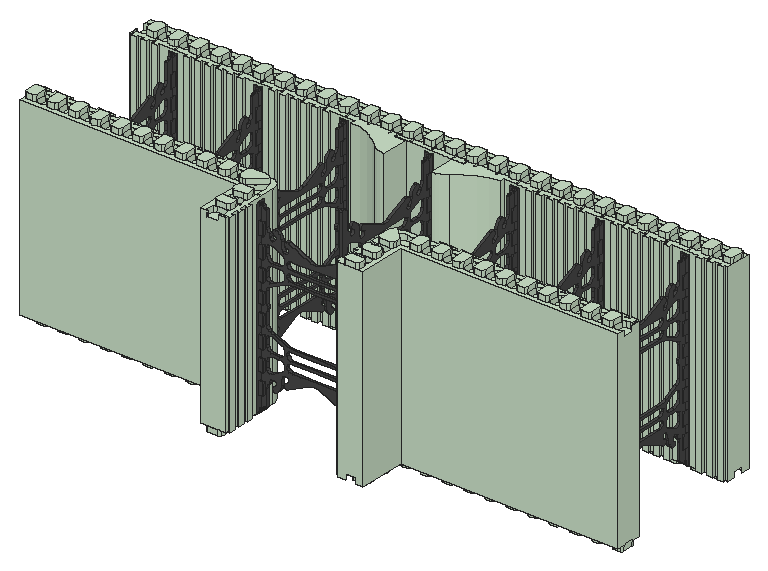
Revit family (continued)
Definition of nested family "NUDURA Diamond Pattern"
  Lines and regions (mm)
    model lines
      curve 178: arc (105.934, -142.875, 33.065) -> (101.444, -142.875, 34.925) -> (96.953, -142.875, 33.065) r 6.35
      curve 179: line (115.459, -142.875, 23.54) -> (105.934, -142.875, 33.065)
      curve 180: arc (115.459, -142.875, 14.56) -> (117.319, -142.875, 19.05) -> (115.459, -142.875, 23.54) r 6.35
      curve 181: line (105.934, -142.875, 5.035) -> (115.459, -142.875, 14.56)
      curve 182: arc (96.953, -142.875, 5.035) -> (101.444, -142.875, 3.175) -> (105.934, -142.875, 5.035) r 6.35
      curve 183: line (87.428, -142.875, 14.56) -> (96.953, -142.875, 5.035)
      curve 184: arc (87.428, -142.875, 23.54) -> (85.569, -142.875, 19.05) -> (87.428, -142.875, 14.56) r 6.35
      curve 185: line (96.953, -142.875, 33.065) -> (87.428, -142.875, 23.54)
      curve 186: arc (108.981, -142.875, 79.792) -> (107.493, -142.875, 76.2) -> (108.981, -142.875, 72.608) r 5.08
      curve 187: arc (108.981, -142.875, 117.892) -> (107.493, -142.875, 114.3) -> (108.981, -142.875, 110.708) r 5.08
      curve 188: arc (108.981, -142.875, 155.992) -> (107.493, -142.875, 152.4) -> (108.981, -142.875, 148.808) r 5.08
      curve 189: arc (108.981, -142.875, 194.092) -> (107.493, -142.875, 190.5) -> (108.981, -142.875, 186.908) r 5.08
      curve 190: arc (108.981, -142.875, 232.192) -> (107.493, -142.875, 228.6) -> (108.981, -142.875, 225.008) r 5.08
      curve 191: arc (108.981, -142.875, 270.292) -> (107.493, -142.875, 266.7) -> (108.981, -142.875, 263.108) r 5.08
      curve 192: arc (108.981, -142.875, 308.392) -> (107.493, -142.875, 304.8) -> (108.981, -142.875, 301.208) r 5.08
      curve 193: arc (108.981, -142.875, 346.492) -> (107.493, -142.875, 342.9) -> (108.981, -142.875, 339.308) r 5.08
      curve 194: arc (108.981, -142.875, 384.592) -> (107.493, -142.875, 381) -> (108.981, -142.875, 377.408) r 5.08
      curve 195: arc (108.981, -142.875, 422.692) -> (107.493, -142.875, 419.1) -> (108.981, -142.875, 415.508) r 5.08
Definition of nested family "NUDURA Diamond Pattern Missing Left Line"
  Reference planes
    plane 1 "Center (Front/Back)": y = 0
    plane 2: z = 0
    plane 3 "Center (Left/Right)": x = 0
    plane 4: z = 457.2
  Lines and regions (mm)
    model lines
      curve 1: line (203.2, -142.875, 457.2) -> (203.2, -142.875, 0)
      curve 2: line (152.4, -142.875, 457.2) -> (152.4, -142.875, 0)
      curve 3: line (85.183, -142.875, 431.415) -> (93.906, -142.875, 422.692)
      curve 4: arc (85.183, -142.875, 444.885) -> (82.394, -142.875, 438.15) -> (85.183, -142.875, 431.415) r 9.525
      curve 5: line (94.708, -142.875, 454.41) -> (85.183, -142.875, 444.885)
      curve 6: arc (108.179, -142.875, 454.41) -> (101.444, -142.875, 457.2) -> (94.708, -142.875, 454.41) r 9.525
      curve 7: line (117.704, -142.875, 444.885) -> (108.179, -142.875, 454.41)
      curve 8: arc (117.704, -142.875, 431.415) -> (120.494, -142.875, 438.15) -> (117.704, -142.875, 444.885) r 9.525
      curve 9: line (108.981, -142.875, 422.692) -> (117.704, -142.875, 431.415)
      curve 10: arc (105.934, -142.875, 452.165) -> (101.444, -142.875, 454.025) -> (96.953, -142.875, 452.165) r 6.35
      curve 11: line (115.459, -142.875, 442.64) -> (105.934, -142.875, 452.165)
      curve 12: arc (115.459, -142.875, 433.66) -> (117.319, -142.875, 438.15) -> (115.459, -142.875, 442.64) r 6.35
      curve 13: line (105.934, -142.875, 424.135) -> (115.459, -142.875, 433.66)
      curve 14: arc (96.953, -142.875, 424.135) -> (101.444, -142.875, 422.275) -> (105.934, -142.875, 424.135) r 6.35
      curve 15: line (87.428, -142.875, 433.66) -> (96.953, -142.875, 424.135)
      curve 16: arc (87.428, -142.875, 442.64) -> (85.569, -142.875, 438.15) -> (87.428, -142.875, 433.66) r 6.35
      curve 17: line (96.953, -142.875, 452.165) -> (87.428, -142.875, 442.64)
      curve 18: arc (93.906, -142.875, 415.508) -> (95.394, -142.875, 419.1) -> (93.906, -142.875, 422.692) r 5.08
      curve 19: line (117.704, -142.875, 406.785) -> (108.981, -142.875, 415.508)
      curve 20: arc (117.704, -142.875, 393.315) -> (120.494, -142.875, 400.05) -> (117.704, -142.875, 406.785) r 9.525
      curve 21: line (108.981, -142.875, 384.592) -> (117.704, -142.875, 393.315)
      curve 22: line (85.183, -142.875, 393.315) -> (93.906, -142.875, 384.592)
      curve 23: arc (85.183, -142.875, 406.785) -> (82.394, -142.875, 400.05) -> (85.183, -142.875, 393.315) r 9.525
      curve 24: line (93.906, -142.875, 415.508) -> (85.183, -142.875, 406.785)
      curve 25: arc (105.934, -142.875, 414.065) -> (101.444, -142.875, 415.925) -> (96.953, -142.875, 414.065) r 6.35
      curve 26: line (96.953, -142.875, 414.065) -> (87.428, -142.875, 404.54)
      curve 27: arc (87.428, -142.875, 404.54) -> (85.569, -142.875, 400.05) -> (87.428, -142.875, 395.56) r 6.35
      curve 28: line (87.428, -142.875, 395.56) -> (96.953, -142.875, 386.035)
      curve 29: arc (96.953, -142.875, 386.035) -> (101.444, -142.875, 384.175) -> (105.934, -142.875, 386.035) r 6.35
      curve 30: line (105.934, -142.875, 386.035) -> (115.459, -142.875, 395.56)
      curve 31: arc (115.459, -142.875, 395.56) -> (117.319, -142.875, 400.05) -> (115.459, -142.875, 404.54) r 6.35
      curve 32: line (115.459, -142.875, 404.54) -> (105.934, -142.875, 414.065)
      curve 33: arc (93.906, -142.875, 377.408) -> (95.394, -142.875, 381) -> (93.906, -142.875, 384.592) r 5.08
      curve 34: line (117.704, -142.875, 368.685) -> (108.981, -142.875, 377.408)
      curve 35: arc (117.704, -142.875, 355.215) -> (120.494, -142.875, 361.95) -> (117.704, -142.875, 368.685) r 9.525
      curve 36: line (108.981, -142.875, 346.492) -> (117.704, -142.875, 355.215)
      curve 37: line (85.183, -142.875, 355.215) -> (93.906, -142.875, 346.492)
      curve 38: arc (85.183, -142.875, 368.685) -> (82.394, -142.875, 361.95) -> (85.183, -142.875, 355.215) r 9.525
      curve 39: line (93.906, -142.875, 377.408) -> (85.183, -142.875, 368.685)
      curve 40: arc (105.934, -142.875, 375.965) -> (101.444, -142.875, 377.825) -> (96.953, -142.875, 375.965) r 6.35
      curve 41: line (96.953, -142.875, 375.965) -> (87.428, -142.875, 366.44)
      curve 42: arc (87.428, -142.875, 366.44) -> (85.569, -142.875, 361.95) -> (87.428, -142.875, 357.46) r 6.35
      curve 43: line (87.428, -142.875, 357.46) -> (96.953, -142.875, 347.935)
      curve 44: arc (96.953, -142.875, 347.935) -> (101.444, -142.875, 346.075) -> (105.934, -142.875, 347.935) r 6.35
      curve 45: line (105.934, -142.875, 347.935) -> (115.459, -142.875, 357.46)
      curve 46: arc (115.459, -142.875, 357.46) -> (117.319, -142.875, 361.95) -> (115.459, -142.875, 366.44) r 6.35
      curve 47: line (115.459, -142.875, 366.44) -> (105.934, -142.875, 375.965)
      curve 48: arc (93.906, -142.875, 339.308) -> (95.394, -142.875, 342.9) -> (93.906, -142.875, 346.492) r 5.08
      curve 49: line (117.704, -142.875, 330.585) -> (108.981, -142.875, 339.308)
      curve 50: arc (117.704, -142.875, 317.115) -> (120.494, -142.875, 323.85) -> (117.704, -142.875, 330.585) r 9.525
      curve 51: line (108.981, -142.875, 308.392) -> (117.704, -142.875, 317.115)
      curve 52: line (85.183, -142.875, 317.115) -> (93.906, -142.875, 308.392)
      curve 53: arc (85.183, -142.875, 330.585) -> (82.394, -142.875, 323.85) -> (85.183, -142.875, 317.115) r 9.525
      curve 54: line (93.906, -142.875, 339.308) -> (85.183, -142.875, 330.585)
      curve 55: arc (105.934, -142.875, 337.865) -> (101.444, -142.875, 339.725) -> (96.953, -142.875, 337.865) r 6.35
      curve 56: line (96.953, -142.875, 337.865) -> (87.428, -142.875, 328.34)
      curve 57: arc (87.428, -142.875, 328.34) -> (85.569, -142.875, 323.85) -> (87.428, -142.875, 319.36) r 6.35
      curve 58: line (87.428, -142.875, 319.36) -> (96.953, -142.875, 309.835)
      curve 59: arc (96.953, -142.875, 309.835) -> (101.444, -142.875, 307.975) -> (105.934, -142.875, 309.835) r 6.35
      curve 60: line (105.934, -142.875, 309.835) -> (115.459, -142.875, 319.36)
      curve 61: arc (115.459, -142.875, 319.36) -> (117.319, -142.875, 323.85) -> (115.459, -142.875, 328.34) r 6.35
      curve 62: line (115.459, -142.875, 328.34) -> (105.934, -142.875, 337.865)
      curve 63: arc (93.906, -142.875, 301.208) -> (95.394, -142.875, 304.8) -> (93.906, -142.875, 308.392) r 5.08
      curve 64: line (117.704, -142.875, 292.485) -> (108.981, -142.875, 301.208)
      curve 65: arc (117.704, -142.875, 279.015) -> (120.494, -142.875, 285.75) -> (117.704, -142.875, 292.485) r 9.525
      curve 66: line (108.981, -142.875, 270.292) -> (117.704, -142.875, 279.015)
      curve 67: line (85.183, -142.875, 279.015) -> (93.906, -142.875, 270.292)
      curve 68: arc (85.183, -142.875, 292.485) -> (82.394, -142.875, 285.75) -> (85.183, -142.875, 279.015) r 9.525
      curve 69: line (93.906, -142.875, 301.208) -> (85.183, -142.875, 292.485)
      curve 70: arc (105.934, -142.875, 299.765) -> (101.444, -142.875, 301.625) -> (96.953, -142.875, 299.765) r 6.35
      curve 71: line (96.953, -142.875, 299.765) -> (87.428, -142.875, 290.24)
      curve 72: arc (87.428, -142.875, 290.24) -> (85.569, -142.875, 285.75) -> (87.428, -142.875, 281.26) r 6.35
      curve 73: line (87.428, -142.875, 281.26) -> (96.953, -142.875, 271.735)
      curve 74: arc (96.953, -142.875, 271.735) -> (101.444, -142.875, 269.875) -> (105.934, -142.875, 271.735) r 6.35
      curve 75: line (105.934, -142.875, 271.735) -> (115.459, -142.875, 281.26)
      curve 76: arc (115.459, -142.875, 281.26) -> (117.319, -142.875, 285.75) -> (115.459, -142.875, 290.24) r 6.35
      curve 77: line (115.459, -142.875, 290.24) -> (105.934, -142.875, 299.765)
      curve 78: arc (93.906, -142.875, 263.108) -> (95.394, -142.875, 266.7) -> (93.906, -142.875, 270.292) r 5.08
      curve 79: line (117.704, -142.875, 254.385) -> (108.981, -142.875, 263.108)
      curve 80: arc (117.704, -142.875, 240.915) -> (120.494, -142.875, 247.65) -> (117.704, -142.875, 254.385) r 9.525
      curve 81: line (108.981, -142.875, 232.192) -> (117.704, -142.875, 240.915)
      curve 82: line (85.183, -142.875, 240.915) -> (93.906, -142.875, 232.192)
      curve 83: arc (85.183, -142.875, 254.385) -> (82.394, -142.875, 247.65) -> (85.183, -142.875, 240.915) r 9.525
      curve 84: line (93.906, -142.875, 263.108) -> (85.183, -142.875, 254.385)
      curve 85: arc (105.934, -142.875, 261.665) -> (101.444, -142.875, 263.525) -> (96.953, -142.875, 261.665) r 6.35
      curve 86: line (96.953, -142.875, 261.665) -> (87.428, -142.875, 252.14)
      curve 87: arc (87.428, -142.875, 252.14) -> (85.569, -142.875, 247.65) -> (87.428, -142.875, 243.16) r 6.35
      curve 88: line (87.428, -142.875, 243.16) -> (96.953, -142.875, 233.635)
      curve 89: arc (96.953, -142.875, 233.635) -> (101.444, -142.875, 231.775) -> (105.934, -142.875, 233.635) r 6.35
      curve 90: line (105.934, -142.875, 233.635) -> (115.459, -142.875, 243.16)
      curve 91: arc (115.459, -142.875, 243.16) -> (117.319, -142.875, 247.65) -> (115.459, -142.875, 252.14) r 6.35
      curve 92: line (115.459, -142.875, 252.14) -> (105.934, -142.875, 261.665)
      curve 93: arc (93.906, -142.875, 225.008) -> (95.394, -142.875, 228.6) -> (93.906, -142.875, 232.192) r 5.08
      curve 94: line (117.704, -142.875, 216.285) -> (108.981, -142.875, 225.008)
      curve 95: arc (117.704, -142.875, 202.815) -> (120.494, -142.875, 209.55) -> (117.704, -142.875, 216.285) r 9.525
      curve 96: line (108.981, -142.875, 194.092) -> (117.704, -142.875, 202.815)
      curve 97: line (85.183, -142.875, 202.815) -> (93.906, -142.875, 194.092)
      curve 98: arc (85.183, -142.875, 216.285) -> (82.394, -142.875, 209.55) -> (85.183, -142.875, 202.815) r 9.525
      curve 99: line (93.906, -142.875, 225.008) -> (85.183, -142.875, 216.285)
      curve 100: arc (105.934, -142.875, 223.565) -> (101.444, -142.875, 225.425) -> (96.953, -142.875, 223.565) r 6.35
      curve 101: line (96.953, -142.875, 223.565) -> (87.428, -142.875, 214.04)
      curve 102: arc (87.428, -142.875, 214.04) -> (85.569, -142.875, 209.55) -> (87.428, -142.875, 205.06) r 6.35
      curve 103: line (87.428, -142.875, 205.06) -> (96.953, -142.875, 195.535)
      curve 104: arc (96.953, -142.875, 195.535) -> (101.444, -142.875, 193.675) -> (105.934, -142.875, 195.535) r 6.35
      curve 105: line (105.934, -142.875, 195.535) -> (115.459, -142.875, 205.06)
      curve 106: arc (115.459, -142.875, 205.06) -> (117.319, -142.875, 209.55) -> (115.459, -142.875, 214.04) r 6.35
      curve 107: line (115.459, -142.875, 214.04) -> (105.934, -142.875, 223.565)
      curve 108: arc (93.906, -142.875, 186.908) -> (95.394, -142.875, 190.5) -> (93.906, -142.875, 194.092) r 5.08
      curve 109: line (117.704, -142.875, 178.185) -> (108.981, -142.875, 186.908)
      curve 110: arc (117.704, -142.875, 164.715) -> (120.494, -142.875, 171.45) -> (117.704, -142.875, 178.185) r 9.525
      curve 111: line (108.981, -142.875, 155.992) -> (117.704, -142.875, 164.715)
      curve 112: line (85.183, -142.875, 164.715) -> (93.906, -142.875, 155.992)
      curve 113: arc (85.183, -142.875, 178.185) -> (82.394, -142.875, 171.45) -> (85.183, -142.875, 164.715) r 9.525
      curve 114: line (93.906, -142.875, 186.908) -> (85.183, -142.875, 178.185)
      curve 115: arc (105.934, -142.875, 185.465) -> (101.444, -142.875, 187.325) -> (96.953, -142.875, 185.465) r 6.35
      curve 116: line (96.953, -142.875, 185.465) -> (87.428, -142.875, 175.94)
      curve 117: arc (87.428, -142.875, 175.94) -> (85.569, -142.875, 171.45) -> (87.428, -142.875, 166.96) r 6.35
      curve 118: line (87.428, -142.875, 166.96) -> (96.953, -142.875, 157.435)
      curve 119: arc (96.953, -142.875, 157.435) -> (101.444, -142.875, 155.575) -> (105.934, -142.875, 157.435) r 6.35
      curve 120: line (105.934, -142.875, 157.435) -> (115.459, -142.875, 166.96)
      curve 121: arc (115.459, -142.875, 166.96) -> (117.319, -142.875, 171.45) -> (115.459, -142.875, 175.94) r 6.35
      curve 122: line (115.459, -142.875, 175.94) -> (105.934, -142.875, 185.465)
      curve 123: arc (93.906, -142.875, 148.808) -> (95.394, -142.875, 152.4) -> (93.906, -142.875, 155.992) r 5.08
      curve 124: line (117.704, -142.875, 140.085) -> (108.981, -142.875, 148.808)
      curve 125: arc (117.704, -142.875, 126.615) -> (120.494, -142.875, 133.35) -> (117.704, -142.875, 140.085) r 9.525
      curve 126: line (108.981, -142.875, 117.892) -> (117.704, -142.875, 126.615)
      curve 127: line (85.183, -142.875, 126.615) -> (93.906, -142.875, 117.892)
      curve 128: arc (85.183, -142.875, 140.085) -> (82.394, -142.875, 133.35) -> (85.183, -142.875, 126.615) r 9.525
      curve 129: line (93.906, -142.875, 148.808) -> (85.183, -142.875, 140.085)
      curve 130: arc (105.934, -142.875, 147.365) -> (101.444, -142.875, 149.225) -> (96.953, -142.875, 147.365) r 6.35
      curve 131: line (96.953, -142.875, 147.365) -> (87.428, -142.875, 137.84)
      curve 132: arc (87.428, -142.875, 137.84) -> (85.569, -142.875, 133.35) -> (87.428, -142.875, 128.86) r 6.35
      curve 133: line (87.428, -142.875, 128.86) -> (96.953, -142.875, 119.335)
      curve 134: arc (96.953, -142.875, 119.335) -> (101.444, -142.875, 117.475) -> (105.934, -142.875, 119.335) r 6.35
      curve 135: line (105.934, -142.875, 119.335) -> (115.459, -142.875, 128.86)
      curve 136: arc (115.459, -142.875, 128.86) -> (117.319, -142.875, 133.35) -> (115.459, -142.875, 137.84) r 6.35
      curve 137: line (115.459, -142.875, 137.84) -> (105.934, -142.875, 147.365)
      curve 138: arc (93.906, -142.875, 110.708) -> (95.394, -142.875, 114.3) -> (93.906, -142.875, 117.892) r 5.08
      curve 139: line (117.704, -142.875, 101.985) -> (108.981, -142.875, 110.708)
      curve 140: arc (117.704, -142.875, 88.515) -> (120.494, -142.875, 95.25) -> (117.704, -142.875, 101.985) r 9.525
      curve 141: line (108.981, -142.875, 79.792) -> (117.704, -142.875, 88.515)
      curve 142: line (85.183, -142.875, 88.515) -> (93.906, -142.875, 79.792)
      curve 143: arc (85.183, -142.875, 101.985) -> (82.394, -142.875, 95.25) -> (85.183, -142.875, 88.515) r 9.525
      curve 144: line (93.906, -142.875, 110.708) -> (85.183, -142.875, 101.985)
      curve 145: arc (105.934, -142.875, 109.265) -> (101.444, -142.875, 111.125) -> (96.953, -142.875, 109.265) r 6.35
      curve 146: line (96.953, -142.875, 109.265) -> (87.428, -142.875, 99.74)
      curve 147: arc (87.428, -142.875, 99.74) -> (85.569, -142.875, 95.25) -> (87.428, -142.875, 90.76) r 6.35
      curve 148: line (87.428, -142.875, 90.76) -> (96.953, -142.875, 81.235)
      curve 149: arc (96.953, -142.875, 81.235) -> (101.444, -142.875, 79.375) -> (105.934, -142.875, 81.235) r 6.35
      curve 150: line (105.934, -142.875, 81.235) -> (115.459, -142.875, 90.76)
      curve 151: arc (115.459, -142.875, 90.76) -> (117.319, -142.875, 95.25) -> (115.459, -142.875, 99.74) r 6.35
      curve 152: line (115.459, -142.875, 99.74) -> (105.934, -142.875, 109.265)
      curve 153: arc (93.906, -142.875, 72.608) -> (95.394, -142.875, 76.2) -> (93.906, -142.875, 79.792) r 5.08
      curve 154: line (117.704, -142.875, 63.885) -> (108.981, -142.875, 72.608)
      curve 155: arc (117.704, -142.875, 50.415) -> (120.494, -142.875, 57.15) -> (117.704, -142.875, 63.885) r 9.525
      curve 156: line (108.981, -142.875, 41.692) -> (117.704, -142.875, 50.415)
      curve 157: line (85.183, -142.875, 50.415) -> (93.906, -142.875, 41.692)
      curve 158: arc (85.183, -142.875, 63.885) -> (82.394, -142.875, 57.15) -> (85.183, -142.875, 50.415) r 9.525
      curve 159: line (93.906, -142.875, 72.608) -> (85.183, -142.875, 63.885)
      curve 160: arc (105.934, -142.875, 71.165) -> (101.444, -142.875, 73.025) -> (96.953, -142.875, 71.165) r 6.35
      curve 161: line (96.953, -142.875, 71.165) -> (87.428, -142.875, 61.64)
      curve 162: arc (87.428, -142.875, 61.64) -> (85.569, -142.875, 57.15) -> (87.428, -142.875, 52.66) r 6.35
      curve 163: line (87.428, -142.875, 52.66) -> (96.953, -142.875, 43.135)
      curve 164: arc (96.953, -142.875, 43.135) -> (101.444, -142.875, 41.275) -> (105.934, -142.875, 43.135) r 6.35
      curve 165: line (105.934, -142.875, 43.135) -> (115.459, -142.875, 52.66)
      curve 166: arc (115.459, -142.875, 52.66) -> (117.319, -142.875, 57.15) -> (115.459, -142.875, 61.64) r 6.35
      curve 167: line (115.459, -142.875, 61.64) -> (105.934, -142.875, 71.165)
      curve 168: arc (93.906, -142.875, 34.508) -> (95.394, -142.875, 38.1) -> (93.906, -142.875, 41.692) r 5.08
      curve 169: line (93.906, -142.875, 34.508) -> (85.183, -142.875, 25.785)
      curve 170: arc (85.183, -142.875, 25.785) -> (82.394, -142.875, 19.05) -> (85.183, -142.875, 12.315) r 9.525
      curve 171: line (85.183, -142.875, 12.315) -> (94.708, -142.875, 2.79)
      curve 172: arc (94.708, -142.875, 2.79) -> (101.444, -142.875, 0) -> (108.179, -142.875, 2.79) r 9.525
      curve 173: line (108.179, -142.875, 2.79) -> (117.704, -142.875, 12.315)
      curve 174: arc (117.704, -142.875, 12.315) -> (120.494, -142.875, 19.05) -> (117.704, -142.875, 25.785) r 9.525
      curve 175: line (117.704, -142.875, 25.785) -> (108.981, -142.875, 34.508)
      curve 176: arc (108.981, -142.875, 41.692) -> (107.493, -142.875, 38.1) -> (108.981, -142.875, 34.508) r 5.08
      curve 177: arc (105.934, -142.875, 33.065) -> (101.444, -142.875, 34.925) -> (96.953, -142.875, 33.065) r 6.35
      curve 178: line (115.459, -142.875, 23.54) -> (105.934, -142.875, 33.065)
      curve 179: arc (115.459, -142.875, 14.56) -> (117.319, -142.875, 19.05) -> (115.459, -142.875, 23.54) r 6.35
      curve 180: line (105.934, -142.875, 5.035) -> (115.459, -142.875, 14.56)
      curve 181: arc (96.953, -142.875, 5.035) -> (101.444, -142.875, 3.175) -> (105.934, -142.875, 5.035) r 6.35
      curve 182: line (87.428, -142.875, 14.56) -> (96.953, -142.875, 5.035)
      curve 183: arc (87.428, -142.875, 23.54) -> (85.569, -142.875, 19.05) -> (87.428, -142.875, 14.56) r 6.35
      curve 184: line (96.953, -142.875, 33.065) -> (87.428, -142.875, 23.54)
      curve 185: arc (108.981, -142.875, 79.792) -> (107.493, -142.875, 76.2) -> (108.981, -142.875, 72.608) r 5.08
      curve 186: arc (108.981, -142.875, 117.892) -> (107.493, -142.875, 114.3) -> (108.981, -142.875, 110.708) r 5.08
      curve 187: arc (108.981, -142.875, 155.992) -> (107.493, -142.875, 152.4) -> (108.981, -142.875, 148.808) r 5.08
      curve 188: arc (108.981, -142.875, 194.092) -> (107.493, -142.875, 190.5) -> (108.981, -142.875, 186.908) r 5.08
      curve 189: arc (108.981, -142.875, 232.192) -> (107.493, -142.875, 228.6) -> (108.981, -142.875, 225.008) r 5.08
      curve 190: arc (108.981, -142.875, 270.292) -> (107.493, -142.875, 266.7) -> (108.981, -142.875, 263.108) r 5.08
      curve 191: arc (108.981, -142.875, 308.392) -> (107.493, -142.875, 304.8) -> (108.981, -142.875, 301.208) r 5.08
      curve 192: arc (108.981, -142.875, 346.492) -> (107.493, -142.875, 342.9) -> (108.981, -142.875, 339.308) r 5.08
      curve 193: arc (108.981, -142.875, 384.592) -> (107.493, -142.875, 381) -> (108.981, -142.875, 377.408) r 5.08
      curve 194: arc (108.981, -142.875, 422.692) -> (107.493, -142.875, 419.1) -> (108.981, -142.875, 415.508) r 5.08
